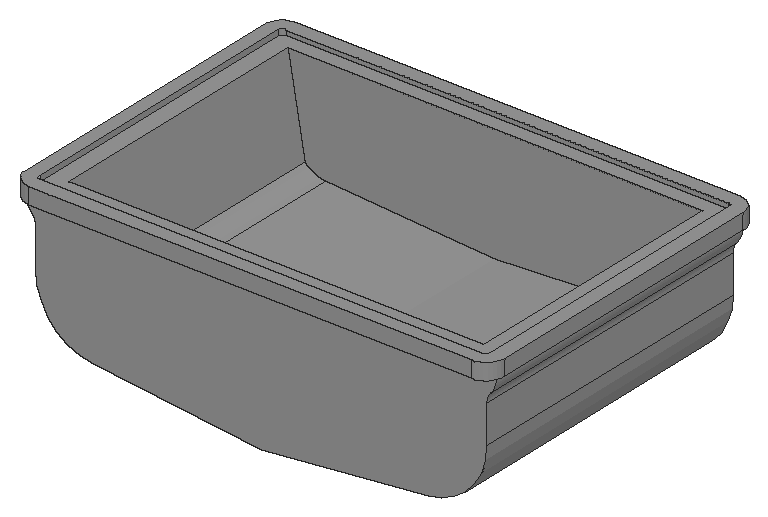
Revit family "L.PROVENCE", category Plumbing Fixtures, Revit 2019
Family settings
  Round Connector Dimension = Use Diameter
  Part Type = Normal
  OmniClass Number = 23.45.00.00
  OmniClass Title = Sanitary, Laundry, and Cleaning Equipment
  Work Plane-Based = No
  Always vertical = Yes
  Cut with Voids When Loaded = No
  Shared = No
  Room Calculation Point = No
Reference planes
  plane 1 "Center (Front/Back)": y = 0
  plane 2: z = 0
  plane 3 "Center (Left/Right)": x = 0
Forms (mm)
  Extrusion 1, solid
    sketch origin (0, 0, 0) x (1, 0, 0) y (0, 1, 0)
      loop
        arc (0, 20) -> (5.858, 5.858) -> (20, 0) r 20
        line (20, 0) -> (495, 0)
        arc (495, 0) -> (509.142, 5.858) -> (515, 20) r 20
        line (515, 20) -> (515, 340)
        arc (515, 340) -> (509.142, 354.142) -> (495, 360) r 20
        line (495, 360) -> (20, 360)
        arc (20, 360) -> (5.858, 354.142) -> (0, 340) r 20
        line (0, 340) -> (0, 20)
      loop
        arc (15, 20) -> (16.464, 16.464) -> (20, 15) r 5
        line (20, 15) -> (495, 15)
        arc (495, 15) -> (498.536, 16.464) -> (500, 20) r 5
        line (500, 20) -> (500, 340)
        arc (500, 340) -> (498.536, 343.536) -> (495, 345) r 5
        line (495, 345) -> (20, 345)
        arc (20, 345) -> (16.464, 343.536) -> (15, 340) r 5
        line (15, 340) -> (15, 20)
    from 232.77 to 250
  Extrusion 2, solid
    sketch origin (0, 0, 0) x (1, 0, 0) y (0, 1, 0)
      loop
        arc (20, 345) -> (16.464, 343.536) -> (15, 340) r 5
        line (15, 340) -> (15, 20)
        arc (15, 20) -> (16.464, 16.464) -> (20, 15) r 5
        line (20, 15) -> (495, 15)
        arc (495, 15) -> (498.536, 16.464) -> (500, 20) r 5
        line (500, 20) -> (500, 340)
        arc (500, 340) -> (498.536, 343.536) -> (495, 345) r 5
        line (495, 345) -> (20, 345)
    from 216.909 to 244.603
  Extrusion 3, solid
    sketch origin (0, 0, 0) x (1, 0, 0) y (0, 0, 1)
      loop
        line (257.5, 74) -> (437.317, 92.9)
        arc (437.317, 92.9) -> (482.02, 115.677) -> (500, 162.516) r 70
        line (500, 162.516) -> (500, 203.68)
        arc (500, 203.68) -> (501.134, 209.781) -> (504.384, 215.068) r 16.982
        arc (504.384, 215.068) -> (509.115, 223.309) -> (510, 232.77) r 22.382
        line (510, 232.77) -> (5, 232.77)
        arc (5, 232.77) -> (5.885, 223.309) -> (10.616, 215.068) r 22.382
        arc (10.616, 215.068) -> (13.866, 209.781) -> (15, 203.68) r 16.982
        line (15, 203.68) -> (15, 162.516)
        arc (15, 162.516) -> (32.98, 115.677) -> (77.683, 92.9) r 70
        line (77.683, 92.9) -> (257.5, 74)
    from -345 to -15
  Extrusion 4, void
    sketch origin (0, 0, 0) x (1, 0, 0) y (0, 0, 1)
      loop
        line (257.5, 250) -> (33.898, 250) -> (53.114, 141.019)
        arc (53.114, 141.019) -> (63.534, 134.074) -> (75.591, 130.691) r 40
        arc (75.591, 130.691) -> (257.5, 120.098) -> (439.409, 130.691) r 1567.154
        arc (439.409, 130.691) -> (452.077, 134.361) -> (462.862, 141.95) r 40
        line (462.862, 141.95) -> (481.915, 250) -> (257.5, 250)
    from -328.528 to -34.908
  Extrusion 5, void
    sketch origin (0, 0, 0) x (1, 0, 0) y (0, 1, 0)
      loop
        circle (257.5, 180) r 22.5
    from -109.928 to 160.068
  Extrusion 6, solid
    sketch origin (0, 0, 0) x (1, 0, 0) y (0, 1, 0)
      loop
        circle (257.5, 180) r 22.773
      loop
        circle (257.5, 180) r 27.773
    from 73.273 to 79.389
Cuts and joins
  Extrusion 4, Extrusion 5 cuts Extrusion 2
  Extrusion 4, Extrusion 5 cuts Extrusion 3
  joined: Extrusion 2, Extrusion 3
Dimensions and locks
  aligned and locked: level to plane 2
Connectors
  piping at (257.5, 180, 73.273), diameter 45
    settings: on Extrusion 6, index 1, connector inside diameter 609.6 mm, connector length 0 mm, flow factor 0, pipe flow 0.0 L/s, pressure drop 0.0 Pa, fitting loss kfactor 0, connector angle 0.00°, fixture units 0, engagement length 0 mm, angle of deflection 0.00°, flow configuration 0, flow direction 0, fitting loss method 0, system type 7, joint type 0, gender type 0, connector reference index -1, connector utility 0, adjustable connector no, is connector primary yes, connector description ""
